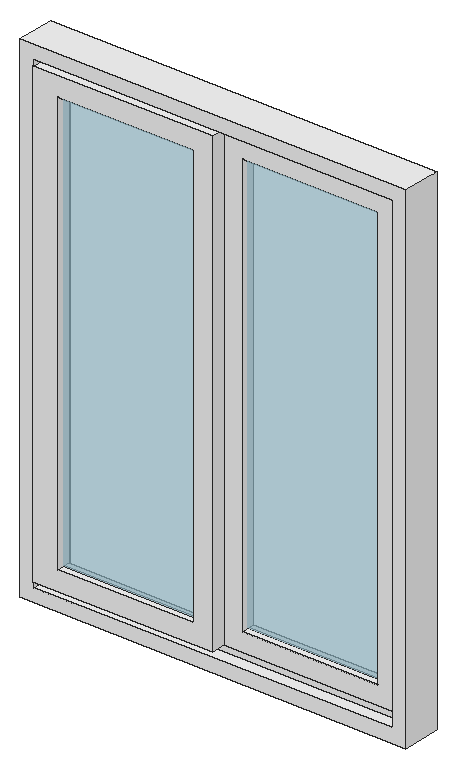
Revit family
Parameters (values of type "10 X 13")
  Assembly Code = ""
  Cost = 434204
  Top Rail = 50 mm
  Stile = 50 mm
  Shutter = 합성수지
  Panel = Glass (2)
  Height = 1310 mm
  Frame Width = 50 mm
  Frame Depth = 100 mm
  Frame = 합성수지
  Default Sill Height = 0 mm
  Wall Closure = (empty or 0)
  Width = 1010 mm
  Bottom Rail = 50 mm
Reference planes
  plane 1: y = 5
  plane 2 "Center (Left/Right)": x = 0
  plane 3 "Left": x = -505
  plane 4 "Right": x = 505
  plane 5 "Sill": z = 0
  plane 6 "Head": z = 1310
  plane 7 "Exterior": y = 80
  plane 8 "Interior": y = -70
  plane 9: x = -455
  plane 10: x = 455
  plane 11: y = 55
  plane 12: y = -45
  plane 13: z = 1260
  plane 14: z = 50
  plane 15: x = -405
  plane 16: x = 405
  plane 17: z = 1210
  plane 18: z = 100
  plane 19: x = -50
  plane 20: x = 50
  plane 21: z = 655
Forms (mm)
  Sweep 1, solid, material "합성수지" <- "Frame"
    path origin (0, 5.744, -44.994) x (1, 0, 0) y (0, 0, 1)
      loop
        line (-350, 200) -> (350, 200) -> (350, 1200) -> (-350, 1200) -> (-350, 200)
    profile origin (0, 0, 655.006) x (-1, 0, 0) y (0, -1, 0)
      loop
        line (505, 43.66) -> (470, 43.66) -> (470, 8.66) -> (455, 8.66) -> (455, -56.34) -> (505, -56.34) -> (505, 43.66)
  Extrusion 2, solid, material "합성수지" <- "Shutter"
    sketch origin (0, -45, 0) x (1, 0, 0) y (0, 0, 1)
      loop
        line (0, 50.006) -> (0, 1260.006) -> (-470, 1260.006) -> (-470, 50.006) -> (0, 50.006)
      loop
        line (-405, 1210) -> (-405, 100) -> (-50, 100) -> (-50, 1210) -> (-405, 1210)
    from 0 to -35
  Extrusion 3, solid, material "Glass (2)" <- "Panel"
    sketch origin (0, 0, 100) x (0, -1, 0) y (-1, 0, 0)
      loop
        line (25.5, 50) -> (29.5, 50) -> (29.5, 405) -> (25.5, 405) -> (25.5, 50)
      loop
        line (-9.5, -50) -> (-9.5, -405) -> (-5.5, -405) -> (-5.5, -50) -> (-9.5, -50)
    from 0 to -1110
  Extrusion 4, solid, material "합성수지" <- "Shutter"
    sketch origin (755, -10, 0) x (1, 0, 0) y (0, 0, 1)
      loop
        line (-300, 50.006) -> (-300, 1260.006) -> (-755, 1260.006) -> (-755, 50.006) -> (-300, 50.006)
      loop
        line (-705, 1210) -> (-705, 100) -> (-350, 100) -> (-350, 1210) -> (-705, 1210)
    from 0 to -35
Lines and regions (mm)
  Opening 1
    outline origin (3500, -70, 0) x (1, 0, 0) y (0, 0, 1)
      loop
        line (-2995, 0) -> (-2995, 1310) -> (-4005, 1310) -> (-4005, 0) -> (-2995, 0)
  symbolic lines, style "WindowsFrameMullionProjection", detail levels medium+fine
    curve 1: line (-505, 56.34, 0) -> (-470, 56.34, 0)
    curve 2: line (-470, -14.405, 0) -> (-470, -45, 0)
    curve 3: line (-505, -45, 0) -> (-470, -45, 0)
    curve 4: line (505, 56.34, 0) -> (455, 56.34, 0)
    curve 5: line (455, -8.66, 0) -> (470, -8.66, 0)
    curve 6: line (470, -8.66, 0) -> (470, -43.66, 0)
    curve 7: line (470, -43.66, 0) -> (505, -43.66, 0)
    curve 8: line (505, -43.66, 0) -> (505, 56.34, 0)
    curve 10: line (-505, 56.34, 0) -> (-505, -45, 0)
  symbolic lines, style "Plan Swing"
    curve 9: line (-470, -45, 0) -> (470, -43.66, 0)
  symbolic lines, style "WindowsFrameMullionProjection", detail levels coarse
    curve 11: line (-470, -45, 0) -> (-505, -45, 0)
    curve 12: line (-470, 56.34, 0) -> (-470, -45, 0)
    curve 13: line (-505, 56.34, 0) -> (-455, 56.34, 0)
    curve 14: line (-505, -45, 0) -> (-505, 56.34, 0)
    curve 15: line (470, -43.66, 0) -> (505, -43.66, 0)
    curve 16: line (470, 56.34, 0) -> (470, -43.66, 0)
    curve 17: line (505, 56.34, 0) -> (470, 56.34, 0)
    curve 18: line (505, -43.66, 0) -> (505, 56.34, 0)
    curve 32: line (-455, 56.34, 0) -> (-455, -8.66, 0)
    curve 33: line (-455, -8.66, 0) -> (-470, -8.66, 0)
    curve 34: line (455, 56.34, 0) -> (455, -8.66, 0)
  symbolic lines, style "Elevation Swing Coarse", detail levels coarse
    curve 19: line (455, 0, 655) -> (0, 0, 1055)
    curve 20: line (455, 0, 655) -> (0, 0, 145)
    curve 21: line (0, 0, 1055) -> (-455, 0, 655)
    curve 22: line (0, 0, 145) -> (-455, 0, 655)
  symbolic lines, style "Plan Swing", detail levels coarse
    curve 23: line (-470, -8.66, 0) -> (470, -8.66, 0)
  symbolic lines, style "Elevation Swing Medium", detail levels medium
    curve 24: line (455, 0, 655) -> (0, 0, 1055)
    curve 25: line (455, 0, 655) -> (0, 0, 145)
    curve 26: line (0, 0, 1055) -> (-455, 0, 655)
    curve 27: line (0, 0, 145) -> (-455, 0, 655)
  symbolic lines, style "Elevation Swing Fine", detail levels fine
    curve 28: line (455, 0, 655) -> (0, 0, 1055)
    curve 29: line (455, 0, 655) -> (0, 0, 145)
    curve 30: line (0, 0, 1055) -> (-455, 0, 655)
    curve 31: line (0, 0, 145) -> (-455, 0, 655)
Text (mm)
  text "EXTERIOR" at (-1963.203, 1332.353, 0), in view "Ref. Level"
  text "INTERIOR" at (-1981.466, -818.386, 0), in view "Ref. Level"
  text "Exterior" at (0, 923.751, 2943.296), in view "Right"
  text "Exterior" at (0, 1040.484, 2685.409), in view "Left"
Dimensions and locks
  equal spacing: plane 3 "Left", plane 2 "Center (Left/Right)", plane 4 "Right"
  "Width": plane 3 "Left" to plane 4 "Right"
  "Height": plane 5 "Sill" to plane 6 "Head"
  "Default Sill Height": plane 5 "Sill" to level
  locked: plane 7 "Exterior" to host wall at 0
  locked: plane 8 "Interior" to host wall
  locked: Sweep 1 sketch curve to Sweep 1 sketch curve at 15
  locked: Sweep 1 sketch curve to Sweep 1 sketch curve at 35
  "Frame Width": plane 3 "Left" to plane 9
  "Frame Width": plane 10 to plane 4 "Right"
  "Frame Depth": plane 12 to plane 11
  "Frame Width": plane 6 "Head" to plane 13
  "Frame Width": plane 14 to plane 5 "Sill"
  "Stile": plane 15 to plane 9
  "Stile": plane 10 to plane 16
  "Stile": plane 2 "Center (Left/Right)" to plane 19
  "Stile": plane 20 to plane 2 "Center (Left/Right)"
  "Top Rail": plane 13 to plane 17
  "Bottom Rail": plane 18 to plane 14
  equal spacing: plane 6 "Head", plane 21, plane 5 "Sill"
  equal spacing: plane 8 "Interior", plane 1, plane 7 "Exterior"
  aligned and locked: Sweep 1 sketch curve to plane 3 "Left"
  aligned and locked: plane 9 to Sweep 1 sketch curve
  aligned and locked: plane 15 to Extrusion 2 sketch curve
  aligned and locked: plane 17 to Extrusion 2 sketch curve
  aligned and locked: plane 18 to Extrusion 2 sketch curve
  aligned and locked: Extrusion 2 sketch curve to plane 19
  aligned and locked: curve 1 to Sweep 1  (x2)
  aligned and locked: Sweep 1 to curve 3
  aligned and locked: Sweep 1 to curve 4
  aligned and locked: Sweep 1 to curve 5
  aligned and locked: Sweep 1 to curve 6
  aligned and locked: curve 10 to curve 3
  aligned and locked: curve 18 to Sweep 1  (x2)
  aligned and locked: curve 23 to Sweep 1
  aligned: Extrusion 3 to Extrusion 2
  aligned: plane 16 to Extrusion 3
  aligned: Extrusion 3 to plane 20
Automatic sketch dimensions
  curve 26 to plane 2 "Center (Left/Right)" = 0 mm
  curve 21 to plane 9 = 0 mm
  curve 21 to plane 21 = 0 mm
  curve 24 to plane 10 = 0 mm
  curve 24 to plane 21 = 0 mm
  curve 29 to plane 2 "Center (Left/Right)" = 0 mm
  curve 30 to plane 21 = 400 mm
  plane 21 to curve 29 = 510 mm
  Opening 1 sketch curve to level = 0 mm
  Opening 1 sketch curve to plane 3 "Left" = 0 mm
  Opening 1 sketch curve to plane 4 "Right" = 0 mm
  Opening 1 sketch curve to plane 6 "Head" = 0 mm
  plane 15 to Sweep 1 sketch curve = 55 mm
  Sweep 1 sketch curve to plane 16 = 55 mm
  Sweep 1 sketch curve to plane 18 = 55.006 mm
  plane 17 to Sweep 1 sketch curve = 54.994 mm
  Sweep 1 sketch curve to Sweep 1 sketch curve = 65 mm
  plane 2 "Center (Left/Right)" to Extrusion 2 sketch curve = 0 mm
  Extrusion 2 sketch curve to plane 9 = 15 mm
  Extrusion 2 sketch curve to plane 14 = 0.006 mm
  Extrusion 2 sketch curve to plane 13 = 0.006 mm
  Extrusion 3 sketch curve to plane 19 = 0 mm
  plane 2 "Center (Left/Right)" to Extrusion 3 sketch curve = 50 mm
  Extrusion 3 sketch curve to plane 12 = 19.5 mm
  Extrusion 3 sketch curve to plane 12 = 54.5 mm
  Extrusion 3 sketch curve to Extrusion 3 sketch curve = 4 mm  (x2)
  plane 16 to Extrusion 3 sketch curve = 0 mm
  Extrusion 4 sketch curve to plane 18 = 0 mm
  Extrusion 4 sketch curve to plane 20 = 0 mm
  Extrusion 4 sketch curve to plane 16 = 0 mm
  plane 10 to Extrusion 4 sketch curve = 0 mm
  Extrusion 4 sketch curve to plane 17 = 0 mm
  Extrusion 4 sketch curve to plane 2 "Center (Left/Right)" = 0 mm
  Extrusion 4 sketch curve to plane 14 = 0.006 mm
  Extrusion 4 sketch curve to plane 13 = 0.006 mm
  curve 10 to plane 3 "Left" = 0 mm
  curve 12 to plane 12 = 0 mm
  curve 13 to plane 9 = 0 mm
  curve 5 to plane 10 = 0 mm
  curve 4 to plane 10 = 0 mm
  curve 12 to plane 9 = 15 mm
  plane 10 to curve 23 = 15 mm
  curve 2 to curve 23 = 5.744 mm
  curve 10 to curve 1 = 0 mm
  curve 33 to plane 9 = 0 mm
  curve 34 to plane 10 = 0 mm
  curve 33 to plane 9 = 15 mm
  host wall to curve 32 = 13.66 mm
  curve 32 to plane 11 = 1.34 mm
  curve 34 to plane 11 = 1.34 mm
  host wall to curve 34 = 13.66 mm
